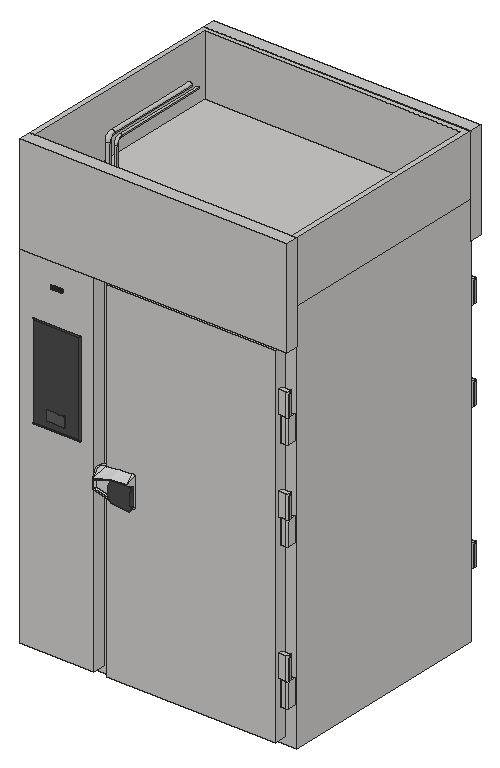
Revit family "QF_ZANUSSI_110551_ZBFA22RPE", category Specialty Equipment, Revit 2018
Family settings
  Round Connector Dimension = Use Radius
  Part Type = Normal
  Work Plane-Based = No
  Always vertical = Yes
  Cut with Voids When Loaded = No
  Shared = Yes
  Room Calculation Point = No
Parameters
  Weight = 0.00 kg
  Watts = 209.032 W
  Volts = 380 V
  URL Manufacturer = "http://www.zanussiprofessional.com"
  URL = "http://www.zanussiprofessional.com"
  Steam Supply Size = 0"
  Steam Supply Minimum Pressure = 0.00 psi
  Steam Supply Maximum Pressure = 0.00 psi
  Steam Pounds per Hour = 0
  Show Logo [instance] = yes
  Refrigeration Suction Line Size = 0"
  Refrigeration Liquid Line Size = 0"
  Refrigerant Compressor Remote = yes
  Phase = 3
  Model = "ZBFA22RPE"
  Manufacturer = "Zanussi"
  Length Actual = 1400 mm  # constant formula
  Item Number = "110551"
  Hot Water Size = 0"
  Height Actual = 2270 mm  # constant formula
  HP = "3 HP"
  Gas Size = 0"
  Gas KW = 0
  Gas Input Pressure = 0.0 Btu/h
  Description = "RAPIDO BLAST CHILLER FREEZER 200/170KG 20 GN 2/1 - PASS-THROUGH - REMOTE REFRIGERATING UNIT"
  Depth Actual = 1395 mm  # constant formula
  Cycle = 60 Hz
  Condensate Return Size = 0"
  Compressed Air Volume = 0 GPM
  Compressed Air Size = 0"
  Compressed Air Pressure = 0.00 psi
  Cold Water Size = 0"
  Assembly Code = ""
  Show Clearance [instance] = yes
  Accessory = yes
Reference planes
  plane 1: z = 0
  plane 2 "LEFT": x = 0
  plane 3 "RIGHT": x = 1400
  plane 4 "FRONT": y = -1205
  plane 5 "TOP": z = 2400
  plane 6 "Center Y": x = 700
  plane 7: y = -2155
  plane 8 "BACK": y = 67
  plane 9: y = -569
Forms (mm)
  Extrusion 1, solid, material "QF_Clearance", visible <- "Show Clearance", detail levels coarse
    sketch origin (0, 0, -70) x (1, 0, 0) y (0, 1, 0)
      loop
        line (0, -1205) -> (0, 67) -> (-100, 67) -> (-100, -1205) -> (0, -1205)
      loop
        line (1500, -1205) -> (1500, 67) -> (1400, 67) -> (1400, -1205) -> (1500, -1205)
    from 70 to 2670
  Extrusion 2, solid, material "QF_Finishes_Stainless Steel"
    sketch origin (349.253, 33, 630.991) x (-1, 0, 0) y (0, -1, 0)
      loop
        line (349.253, 1172.759) -> (349.253, 1238) -> (-39.747, 1238) -> (-39.747, 1172.759) -> (349.253, 1172.759)
    from -597 to 1254
  Extrusion 3, solid, material "QF_Finishes_Stainless Steel"
    sketch origin (596.16, 27.971, -70) x (1, 0, 0) y (0, 1, 0)
      loop
        line (743.84, -1172.971) -> (-141.16, -1172.971) -> (-141.16, -1232.971) -> (743.84, -1232.971) -> (743.84, -1172.971)
    from 103.991 to 1945.25
  Extrusion 4, solid, material "QF_Door-Drawer Clearances", visible <- "Show Clearance", detail levels coarse
    sketch origin (875, -72.029, -91.802) x (-1, 0, 0) y (0, -1, 0)
      loop
        line (-465, 2025.971) -> (-465, 1132.971) -> (420, 1132.971)
        arc (420, 1132.971) -> (153.836, 1754.227) -> (-465, 2025.971) r 920
    from 125.793 to 1967.052
  Extrusion 5, solid, material "QF_Finishes_Stainless Steel"
    sketch origin (0, -1139.759, 0) x (0, 1, 0) y (-1, 0, 0)
      loop
        line (1140.759, 0) -> (0.759, 0) -> (0.759, -1400) -> (1140.759, -1400) -> (1140.759, 0)
    from 0 to 2080
  Extrusion 6, solid, material "QF_Finishes_Stainless Steel"
    sketch origin (0, 0, -70) x (0, 1, 0) y (0, 0, 1)
      loop
        line (-1139, 2470) -> (-1205, 2470) -> (-1205, 1956) -> (-1139, 1956) -> (-1139, 2470)
    from 0 to 1400
  Extrusion 7, solid, material "QF_Finishes_Stainless Steel"
    sketch origin (0, -1139.759, 2080) x (0, 1, 0) y (-1, 0, 0)
      loop
        line (1140.759, 0) -> (0.759, 0) -> (0.759, -27.807) -> (1112.952, -27.807) -> (1112.952, -1372.193) -> (0.759, -1372.193) -> (0.759, -1400) -> (1140.759, -1400) -> (1140.759, 0)
    from 0 to 320
  Extrusion 8, solid, material "QF_Clearance", visible <- "Show Clearance", detail levels coarse
    sketch origin (0, 0, 2400) x (-1, 0, 0) y (0, -1, 0)
      loop
        line (0, 1205) -> (-1400, 1205) -> (-1400, -67.029) -> (0, -67.029) -> (0, 1205)
    from 0 to 200
  Extrusion 9, solid, material "QF_Finishes_Stainless Steel"
    sketch origin (-390.239, -0.977, 1172.559) x (1, 0, 0) y (0, 1, 0)
      loop
        line (1730.239, -1159.557) -> (1730.239, -1186.759) -> (1771.078, -1186.759)
        arc (1771.078, -1186.759) -> (1778.149, -1183.83) -> (1781.078, -1176.759) r 10
        line (1781.078, -1176.759) -> (1781.078, -1169.557)
        arc (1781.078, -1169.557) -> (1778.149, -1162.486) -> (1771.078, -1159.557) r 10
        line (1771.078, -1159.557) -> (1730.239, -1159.557)
    from 398 to 516
  Extrusion 10, solid, material "QF_Finishes_Stainless Steel"
    sketch origin (-388.989, -0.977, 1172.559) x (1, 0, 0) y (0, 1, 0)
      loop
        line (1779.828, -1138.023) -> (1738.215, -1138.023) -> (1738.215, -1176.759)
        arc (1738.215, -1176.759) -> (1741.143, -1183.83) -> (1748.215, -1186.759) r 10
        line (1748.215, -1186.759) -> (1769.828, -1186.759)
        arc (1769.828, -1186.759) -> (1776.899, -1183.83) -> (1779.828, -1176.759) r 10
        line (1779.828, -1176.759) -> (1779.828, -1138.023)
    from 269 to 396
  Extrusion 11, solid, material "QF_Finishes_Handrails and Railings"
    sketch origin (0, -1205, -139.705) x (-1, 0, 0) y (0, 0, 1)
      loop
        arc (-455, 1022.346) -> (-433.392, 1027.289) -> (-413, 1035.976) r 124.815
        arc (-413, 1035.976) -> (-402.037, 1046.425) -> (-398, 1061.023) r 28.412
        line (-398, 1061.023) -> (-398, 1124.287)
        arc (-398, 1124.287) -> (-402.037, 1138.885) -> (-413, 1149.334) r 28.412
        arc (-413, 1149.334) -> (-433.392, 1158.021) -> (-455, 1162.964) r 124.815
        line (-455, 1162.964) -> (-455, 1022.346)
    from 0 to 25
  Extrusion 12, solid, material "QF_Finishes_Stainless Steel"
    sketch origin (0, 67, 2400) x (0, 0, -1) y (-1, 0, 0)
      loop
        circle (190.294, -50.191) r 10
    from -2 to 0
  Extrusion 13, solid
    sketch origin (0, 0, -70) x (1, 0, 0) y (0, 1, 0)
      loop
        circle (271, -895) r 12.7
    from 180 to 190
  Sweep 14, solid, material "QF_Finishes_Stainless Steel"
    path in 3D
      loop
        line (196, -872.727, 2090) -> (196, -872.727, 2314.785)
        arc (196, -872.727, 2314.785) -> (196, -863.94, 2335.999) -> (196, -842.727, 2344.785) r 30
        line (196, -842.727, 2344.785) -> (196, -337, 2344.785)
    profile origin (196, -589.864, 2344.785) x (-1, 0, 0) y (0, 0, 1)
      loop
        circle (0, -0.785) r 11
  Sweep 15, solid, material "QF_Finishes_Stainless Steel"
    path in 3D
      loop
        line (239, -337, 2344) -> (239, -842.727, 2344)
        arc (239, -842.727, 2344) -> (239, -863.94, 2335.213) -> (239, -872.727, 2314) r 30
        line (239, -872.727, 2314) -> (239, -872.727, 2090)
    profile origin (239, -589.864, 2344) x (1, 0, 0) y (0, 0, 1)
      loop
        circle (0, 0) r 6
  Extrusion 16, solid, material "QF_Finishes_Stainless Steel"
    sketch origin (0, -1139.759, 2080) x (0, 1, 0) y (-1, 0, 0)
      loop
        line (272.791, -163.68) -> (262.791, -163.68)
        arc (262.791, -163.68) -> (252.185, -168.074) -> (247.791, -178.68) r 15
        line (247.791, -178.68) -> (247.791, -270.358)
        arc (247.791, -270.358) -> (252.185, -280.965) -> (262.791, -285.358) r 15
        line (262.791, -285.358) -> (272.791, -285.358)
        arc (272.791, -285.358) -> (283.398, -280.965) -> (287.791, -270.358) r 15
        line (287.791, -270.358) -> (287.791, -178.68)
        arc (287.791, -178.68) -> (283.398, -168.074) -> (272.791, -163.68) r 15
    from 0 to 10
  Blend 17, solid, material "QF_Finishes_Handrails and Railings"
    base sketch origin (0, -1205, -139.705) x (1, 0, 0) y (0, 0, 1)
      loop
        arc (455, 1162.964) -> (433.392, 1158.021) -> (413, 1149.334) r 124.815
        arc (413, 1149.334) -> (402.037, 1138.885) -> (398, 1124.287) r 28.412
        line (398, 1124.287) -> (398, 1061.023)
        arc (398, 1061.023) -> (402.037, 1046.425) -> (413, 1035.976) r 28.412
        arc (413, 1035.976) -> (433.392, 1027.289) -> (455, 1022.346) r 124.815
        arc (455, 1022.346) -> (524.77, 1014.896) -> (594.859, 1011.587) r 1185.63
        arc (594.859, 1011.587) -> (600.607, 1013.879) -> (603, 1019.586) r 8
        line (603, 1019.586) -> (603, 1165.724)
        arc (603, 1165.724) -> (600.607, 1171.431) -> (594.859, 1173.723) r 8
        arc (594.859, 1173.723) -> (524.77, 1170.414) -> (455, 1162.964) r 1185.63
    top sketch origin (0, -1205, -139.705) x (1, 0, 0) y (0, 0, 1)
      loop
        line (421, 1108.337) -> (421, 1076.973)
        arc (421, 1076.973) -> (423.295, 1069.915) -> (429.302, 1065.557) r 12
        arc (429.302, 1065.557) -> (515.086, 1044.22) -> (603, 1034.974) r 636.459
        line (603, 1034.974) -> (603, 1150.336)
        arc (603, 1150.336) -> (515.086, 1141.09) -> (429.302, 1119.753) r 636.459
        arc (429.302, 1119.753) -> (423.295, 1115.395) -> (421, 1108.337) r 12
    from 0 to 50
  Blend 18, void
    base sketch origin (0, -1255, -139.705) x (-1, 0, 0) y (0, 0, 1)
      loop
        arc (-430.843, 1114.996) -> (-515.866, 1136.151) -> (-603, 1145.333) r 631.459
        line (-603, 1145.333) -> (-603, 1039.977)
        arc (-603, 1039.977) -> (-515.866, 1049.159) -> (-430.843, 1070.314) r 631.459
        arc (-430.843, 1070.314) -> (-427.339, 1072.856) -> (-426, 1076.973) r 7
        line (-426, 1076.973) -> (-426, 1108.337)
        arc (-426, 1108.337) -> (-427.339, 1112.454) -> (-430.843, 1114.996) r 7
    top sketch origin (0, -1255, -139.705) x (-1, 0, 0) y (0, 0, 1)
      loop
        arc (-432.384, 1110.24) -> (-516.647, 1131.211) -> (-603, 1140.33) r 626.459
        line (-603, 1140.33) -> (-603, 1044.98)
        arc (-603, 1044.98) -> (-516.647, 1054.099) -> (-432.384, 1075.07) r 626.459
        arc (-432.384, 1075.07) -> (-431.382, 1075.797) -> (-431, 1076.973) r 2
        line (-431, 1076.973) -> (-431, 1108.337)
        arc (-431, 1108.337) -> (-431.382, 1109.513) -> (-432.384, 1110.24) r 2
    from 0 to 10
  Blend 19, solid, material "QF_Finishes_Black"
    base sketch origin (0, -1245, -139.705) x (1, 0, 0) y (0, 0, 1)
      loop
        arc (628.567, 1043.419) -> (622.014, 1092.655) -> (628.567, 1141.89) r 188.232
        arc (628.567, 1141.89) -> (627.358, 1147.991) -> (621.77, 1150.721) r 7
        arc (621.77, 1150.721) -> (572.304, 1148.509) -> (523.16, 1142.458) r 636.459
        arc (523.16, 1142.458) -> (507.711, 1092.655) -> (523.16, 1042.852) r 88
        arc (523.16, 1042.852) -> (572.304, 1036.801) -> (621.77, 1034.589) r 636.459
        arc (621.77, 1034.589) -> (627.358, 1037.319) -> (628.567, 1043.419) r 7
    top sketch origin (0, -1245, -139.705) x (1, 0, 0) y (0, 0, 1)
      loop
        arc (626.748, 1050.703) -> (622.014, 1092.655) -> (626.748, 1134.607) r 188.232
        arc (626.748, 1134.607) -> (625.775, 1138.85) -> (621.845, 1140.722) r 5
        arc (621.845, 1140.722) -> (569.023, 1138.185) -> (516.603, 1131.203) r 626.459
        arc (516.603, 1131.203) -> (507.711, 1092.655) -> (516.603, 1054.107) r 88
        arc (516.603, 1054.107) -> (569.023, 1047.124) -> (621.845, 1044.588) r 626.459
        arc (621.845, 1044.588) -> (625.775, 1046.46) -> (626.748, 1050.703) r 5
    from 20 to 0
  Extrusion 20, solid, material "QF_Finishes_Stainless Steel"
    sketch origin (-390.239, -0.977, 692.559) x (1, 0, 0) y (0, 1, 0)
      loop
        line (1730.239, -1159.557) -> (1730.239, -1186.759) -> (1771.078, -1186.759)
        arc (1771.078, -1186.759) -> (1778.149, -1183.83) -> (1781.078, -1176.759) r 10
        line (1781.078, -1176.759) -> (1781.078, -1169.557)
        arc (1781.078, -1169.557) -> (1778.149, -1162.486) -> (1771.078, -1159.557) r 10
        line (1771.078, -1159.557) -> (1730.239, -1159.557)
    from 398 to 516
  Extrusion 21, solid, material "QF_Finishes_Stainless Steel"
    sketch origin (-388.989, -0.977, 692.559) x (1, 0, 0) y (0, 1, 0)
      loop
        line (1779.828, -1138.023) -> (1738.215, -1138.023) -> (1738.215, -1176.759)
        arc (1738.215, -1176.759) -> (1741.143, -1183.83) -> (1748.215, -1186.759) r 10
        line (1748.215, -1186.759) -> (1769.828, -1186.759)
        arc (1769.828, -1186.759) -> (1776.899, -1183.83) -> (1779.828, -1176.759) r 10
        line (1779.828, -1176.759) -> (1779.828, -1138.023)
    from 269 to 396
  Extrusion 22, solid, material "QF_Finishes_Stainless Steel"
    sketch origin (-390.239, -0.977, -67.441) x (1, 0, 0) y (0, 1, 0)
      loop
        line (1730.239, -1159.557) -> (1730.239, -1186.759) -> (1771.078, -1186.759)
        arc (1771.078, -1186.759) -> (1778.149, -1183.83) -> (1781.078, -1176.759) r 10
        line (1781.078, -1176.759) -> (1781.078, -1169.557)
        arc (1781.078, -1169.557) -> (1778.149, -1162.486) -> (1771.078, -1159.557) r 10
        line (1771.078, -1159.557) -> (1730.239, -1159.557)
    from 398 to 516
  Extrusion 23, solid, material "QF_Finishes_Stainless Steel"
    sketch origin (-388.989, -0.977, -67.441) x (1, 0, 0) y (0, 1, 0)
      loop
        line (1779.828, -1138.023) -> (1738.215, -1138.023) -> (1738.215, -1176.759)
        arc (1738.215, -1176.759) -> (1741.143, -1183.83) -> (1748.215, -1186.759) r 10
        line (1748.215, -1186.759) -> (1769.828, -1186.759)
        arc (1769.828, -1186.759) -> (1776.899, -1183.83) -> (1779.828, -1176.759) r 10
        line (1779.828, -1176.759) -> (1779.828, -1138.023)
    from 269 to 396
  Extrusion 24, solid, material "QF_Door-Drawer Clearances", visible <- "Show Clearance", detail levels coarse
    sketch origin (167.029, -1956.84, -70) x (0, 1, 0) y (-1, 0, 0)
      loop
        line (751.84, -1172.971) -> (-141.16, -1172.971) -> (-141.16, -1232.971) -> (751.84, -1232.971) -> (751.84, -1172.971)
    from 103.991 to 1945.25
  Extrusion 25, solid, material "QF_Door-Drawer Clearances", visible <- "Show Clearance", detail levels coarse
    sketch origin (1400, -2553, -139.705) x (0, -1, 0) y (0, 0, 1)
      loop
        arc (-455, 1022.346) -> (-433.392, 1027.289) -> (-413, 1035.976) r 124.815
        arc (-413, 1035.976) -> (-402.037, 1046.425) -> (-398, 1061.023) r 28.412
        line (-398, 1061.023) -> (-398, 1124.287)
        arc (-398, 1124.287) -> (-402.037, 1138.885) -> (-413, 1149.334) r 28.412
        arc (-413, 1149.334) -> (-433.392, 1158.021) -> (-455, 1162.964) r 124.815
        line (-455, 1162.964) -> (-455, 1022.346)
    from 0 to 25
  Blend 26, solid, material "QF_Door-Drawer Clearances", visible <- "Show Clearance", detail levels coarse
    base sketch origin (1400, -2553, -139.705) x (0, 1, 0) y (0, 0, 1)
      loop
        arc (455, 1162.964) -> (433.392, 1158.021) -> (413, 1149.334) r 124.815
        arc (413, 1149.334) -> (402.037, 1138.885) -> (398, 1124.287) r 28.412
        line (398, 1124.287) -> (398, 1061.023)
        arc (398, 1061.023) -> (402.037, 1046.425) -> (413, 1035.976) r 28.412
        arc (413, 1035.976) -> (433.392, 1027.289) -> (455, 1022.346) r 124.815
        arc (455, 1022.346) -> (524.77, 1014.896) -> (594.859, 1011.587) r 1185.63
        arc (594.859, 1011.587) -> (600.607, 1013.879) -> (603, 1019.586) r 8
        line (603, 1019.586) -> (603, 1165.724)
        arc (603, 1165.724) -> (600.607, 1171.431) -> (594.859, 1173.723) r 8
        arc (594.859, 1173.723) -> (524.77, 1170.414) -> (455, 1162.964) r 1185.63
    top sketch origin (1400, -2553, -139.705) x (0, 1, 0) y (0, 0, 1)
      loop
        line (421, 1108.337) -> (421, 1076.973)
        arc (421, 1076.973) -> (423.295, 1069.915) -> (429.302, 1065.557) r 12
        arc (429.302, 1065.557) -> (515.086, 1044.22) -> (603, 1034.974) r 636.459
        line (603, 1034.974) -> (603, 1150.336)
        arc (603, 1150.336) -> (515.086, 1141.09) -> (429.302, 1119.753) r 636.459
        arc (429.302, 1119.753) -> (423.295, 1115.395) -> (421, 1108.337) r 12
    from 0 to 50
  Blend 27, void
    base sketch origin (1450, -2553, -139.705) x (0, -1, 0) y (0, 0, 1)
      loop
        arc (-430.843, 1114.996) -> (-515.866, 1136.151) -> (-603, 1145.333) r 631.459
        line (-603, 1145.333) -> (-603, 1039.977)
        arc (-603, 1039.977) -> (-515.866, 1049.159) -> (-430.843, 1070.314) r 631.459
        arc (-430.843, 1070.314) -> (-427.339, 1072.856) -> (-426, 1076.973) r 7
        line (-426, 1076.973) -> (-426, 1108.337)
        arc (-426, 1108.337) -> (-427.339, 1112.454) -> (-430.843, 1114.996) r 7
    top sketch origin (1450, -2553, -139.705) x (0, -1, 0) y (0, 0, 1)
      loop
        arc (-432.384, 1110.24) -> (-516.647, 1131.211) -> (-603, 1140.33) r 626.459
        line (-603, 1140.33) -> (-603, 1044.98)
        arc (-603, 1044.98) -> (-516.647, 1054.099) -> (-432.384, 1075.07) r 626.459
        arc (-432.384, 1075.07) -> (-431.382, 1075.797) -> (-431, 1076.973) r 2
        line (-431, 1076.973) -> (-431, 1108.337)
        arc (-431, 1108.337) -> (-431.382, 1109.513) -> (-432.384, 1110.24) r 2
    from 0 to 10
  Blend 28, solid, material "QF_Door-Drawer Clearances", visible <- "Show Clearance", detail levels coarse
    base sketch origin (1440, -2553, -139.705) x (0, 1, 0) y (0, 0, 1)
      loop
        arc (628.567, 1043.419) -> (622.014, 1092.655) -> (628.567, 1141.89) r 188.232
        arc (628.567, 1141.89) -> (627.358, 1147.991) -> (621.77, 1150.721) r 7
        arc (621.77, 1150.721) -> (572.304, 1148.509) -> (523.16, 1142.458) r 636.459
        arc (523.16, 1142.458) -> (507.711, 1092.655) -> (523.16, 1042.852) r 88
        arc (523.16, 1042.852) -> (572.304, 1036.801) -> (621.77, 1034.589) r 636.459
        arc (621.77, 1034.589) -> (627.358, 1037.319) -> (628.567, 1043.419) r 7
    top sketch origin (1440, -2553, -139.705) x (0, 1, 0) y (0, 0, 1)
      loop
        arc (626.748, 1050.703) -> (622.014, 1092.655) -> (626.748, 1134.607) r 188.232
        arc (626.748, 1134.607) -> (625.775, 1138.85) -> (621.845, 1140.722) r 5
        arc (621.845, 1140.722) -> (569.023, 1138.185) -> (516.603, 1131.203) r 626.459
        arc (516.603, 1131.203) -> (507.711, 1092.655) -> (516.603, 1054.107) r 88
        arc (516.603, 1054.107) -> (569.023, 1047.124) -> (621.845, 1044.588) r 626.459
        arc (621.845, 1044.588) -> (625.775, 1046.46) -> (626.748, 1050.703) r 5
    from 20 to -1
  Extrusion 29, solid, material "QF_Finishes_Stainless Steel"
    sketch origin (349.253, -1171, 630.991) x (-1, 0, 0) y (0, -1, 0)
      loop
        line (349.253, -1172.759) -> (-39.747, -1172.759) -> (-39.747, -1238) -> (349.253, -1238) -> (349.253, -1172.759)
    from -597 to 1254
  Extrusion 30, solid, material "QF_Finishes_Stainless Steel"
    sketch origin (596.16, -1165.971, -70) x (1, 0, 0) y (0, 1, 0)
      loop
        line (743.84, 1172.971) -> (743.84, 1232.971) -> (-141.16, 1232.971) -> (-141.16, 1172.971) -> (743.84, 1172.971)
    from 103.991 to 1945.25
  Extrusion 31, solid, material "QF_Door-Drawer Clearances", visible <- "Show Clearance", detail levels coarse
    sketch origin (875, -1065.971, -91.802) x (-1, 0, 0) y (0, -1, 0)
      loop
        arc (-465, -2025.971) -> (153.836, -1754.227) -> (420, -1132.971) r 920
        line (420, -1132.971) -> (-465, -1132.971) -> (-465, -2025.971)
    from 125.793 to 1967.052
  Extrusion 32, solid, material "QF_Finishes_Stainless Steel"
    sketch origin (0, -1138, -70) x (0, -1, 0) y (0, 0, -1)
      loop
        line (-1139, -2470) -> (-1139, -1956) -> (-1205, -1956) -> (-1205, -2470) -> (-1139, -2470)
    from 0 to 1400
  Extrusion 33, solid, material "QF_Finishes_Stainless Steel"
    sketch origin (-390.239, -1137.023, 1172.559) x (1, 0, 0) y (0, 1, 0)
      loop
        line (1730.239, 1159.557) -> (1771.078, 1159.557)
        arc (1771.078, 1159.557) -> (1778.149, 1162.486) -> (1781.078, 1169.557) r 10
        line (1781.078, 1169.557) -> (1781.078, 1176.759)
        arc (1781.078, 1176.759) -> (1778.149, 1183.83) -> (1771.078, 1186.759) r 10
        line (1771.078, 1186.759) -> (1730.239, 1186.759) -> (1730.239, 1159.557)
    from 398 to 516
  Extrusion 34, solid, material "QF_Finishes_Handrails and Railings"
    sketch origin (0, 67, -139.705) x (-1, 0, 0) y (0, 0, -1)
      loop
        line (-455, -1022.346) -> (-455, -1162.964)
        arc (-455, -1162.964) -> (-433.392, -1158.021) -> (-413, -1149.334) r 124.815
        arc (-413, -1149.334) -> (-402.037, -1138.885) -> (-398, -1124.287) r 28.412
        line (-398, -1124.287) -> (-398, -1061.023)
        arc (-398, -1061.023) -> (-402.037, -1046.425) -> (-413, -1035.976) r 28.412
        arc (-413, -1035.976) -> (-433.392, -1027.289) -> (-455, -1022.346) r 124.815
    from 0 to 25
  Blend 35, solid, material "QF_Finishes_Handrails and Railings"
    base sketch origin (0, 67, -139.705) x (1, 0, 0) y (0, 0, -1)
      loop
        arc (455, -1162.964) -> (524.77, -1170.414) -> (594.859, -1173.723) r 1185.63
        arc (594.859, -1173.723) -> (600.607, -1171.431) -> (603, -1165.724) r 8
        line (603, -1165.724) -> (603, -1019.586)
        arc (603, -1019.586) -> (600.607, -1013.879) -> (594.859, -1011.587) r 8
        arc (594.859, -1011.587) -> (524.77, -1014.896) -> (455, -1022.346) r 1185.63
        arc (455, -1022.346) -> (433.392, -1027.289) -> (413, -1035.976) r 124.815
        arc (413, -1035.976) -> (402.037, -1046.425) -> (398, -1061.023) r 28.412
        line (398, -1061.023) -> (398, -1124.287)
        arc (398, -1124.287) -> (402.037, -1138.885) -> (413, -1149.334) r 28.412
        arc (413, -1149.334) -> (433.392, -1158.021) -> (455, -1162.964) r 124.815
    top sketch origin (0, 67, -139.705) x (1, 0, 0) y (0, 0, -1)
      loop
        arc (421, -1108.337) -> (423.295, -1115.395) -> (429.302, -1119.753) r 12
        arc (429.302, -1119.753) -> (515.086, -1141.09) -> (603, -1150.336) r 636.459
        line (603, -1150.336) -> (603, -1034.974)
        arc (603, -1034.974) -> (515.086, -1044.22) -> (429.302, -1065.557) r 636.459
        arc (429.302, -1065.557) -> (423.295, -1069.915) -> (421, -1076.973) r 12
        line (421, -1076.973) -> (421, -1108.337)
    from 0 to 50
  Blend 36, void
    base sketch origin (0, 117, -139.705) x (-1, 0, 0) y (0, 0, -1)
      loop
        arc (-430.843, -1114.996) -> (-427.339, -1112.454) -> (-426, -1108.337) r 7
        line (-426, -1108.337) -> (-426, -1076.973)
        arc (-426, -1076.973) -> (-427.339, -1072.856) -> (-430.843, -1070.314) r 7
        arc (-430.843, -1070.314) -> (-515.866, -1049.159) -> (-603, -1039.977) r 631.459
        line (-603, -1039.977) -> (-603, -1145.333)
        arc (-603, -1145.333) -> (-515.866, -1136.151) -> (-430.843, -1114.996) r 631.459
    top sketch origin (0, 117, -139.705) x (-1, 0, 0) y (0, 0, -1)
      loop
        arc (-432.384, -1110.24) -> (-431.382, -1109.513) -> (-431, -1108.337) r 2
        line (-431, -1108.337) -> (-431, -1076.973)
        arc (-431, -1076.973) -> (-431.382, -1075.797) -> (-432.384, -1075.07) r 2
        arc (-432.384, -1075.07) -> (-516.647, -1054.099) -> (-603, -1044.98) r 626.459
        line (-603, -1044.98) -> (-603, -1140.33)
        arc (-603, -1140.33) -> (-516.647, -1131.211) -> (-432.384, -1110.24) r 626.459
    from 0 to 10
  Blend 37, solid, material "QF_Finishes_Black"
    base sketch origin (0, 107, -139.705) x (1, 0, 0) y (0, 0, -1)
      loop
        arc (628.567, -1043.419) -> (627.358, -1037.319) -> (621.77, -1034.589) r 7
        arc (621.77, -1034.589) -> (572.304, -1036.801) -> (523.16, -1042.852) r 636.459
        arc (523.16, -1042.852) -> (507.711, -1092.655) -> (523.16, -1142.458) r 88
        arc (523.16, -1142.458) -> (572.304, -1148.509) -> (621.77, -1150.721) r 636.459
        arc (621.77, -1150.721) -> (627.358, -1147.991) -> (628.567, -1141.89) r 7
        arc (628.567, -1141.89) -> (622.014, -1092.655) -> (628.567, -1043.419) r 188.232
    top sketch origin (0, 107, -139.705) x (1, 0, 0) y (0, 0, -1)
      loop
        arc (626.748, -1050.703) -> (625.775, -1046.46) -> (621.845, -1044.588) r 5
        arc (621.845, -1044.588) -> (569.023, -1047.124) -> (516.603, -1054.107) r 626.459
        arc (516.603, -1054.107) -> (507.711, -1092.655) -> (516.603, -1131.203) r 88
        arc (516.603, -1131.203) -> (569.023, -1138.185) -> (621.845, -1140.722) r 626.459
        arc (621.845, -1140.722) -> (625.775, -1138.85) -> (626.748, -1134.607) r 5
        arc (626.748, -1134.607) -> (622.014, -1092.655) -> (626.748, -1050.703) r 188.232
    from 20 to 0
  Extrusion 38, solid, material "QF_Finishes_Stainless Steel"
    sketch origin (-390.239, -1137.023, 692.559) x (1, 0, 0) y (0, 1, 0)
      loop
        line (1730.239, 1159.557) -> (1771.078, 1159.557)
        arc (1771.078, 1159.557) -> (1778.149, 1162.486) -> (1781.078, 1169.557) r 10
        line (1781.078, 1169.557) -> (1781.078, 1176.759)
        arc (1781.078, 1176.759) -> (1778.149, 1183.83) -> (1771.078, 1186.759) r 10
        line (1771.078, 1186.759) -> (1730.239, 1186.759) -> (1730.239, 1159.557)
    from 398 to 516
  Extrusion 39, solid, material "QF_Finishes_Stainless Steel"
    sketch origin (-390.239, -1137.023, -67.441) x (1, 0, 0) y (0, 1, 0)
      loop
        line (1730.239, 1159.557) -> (1771.078, 1159.557)
        arc (1771.078, 1159.557) -> (1778.149, 1162.486) -> (1781.078, 1169.557) r 10
        line (1781.078, 1169.557) -> (1781.078, 1176.759)
        arc (1781.078, 1176.759) -> (1778.149, 1183.83) -> (1771.078, 1186.759) r 10
        line (1771.078, 1186.759) -> (1730.239, 1186.759) -> (1730.239, 1159.557)
    from 398 to 516
  Extrusion 40, solid, material "QF_Door-Drawer Clearances", visible <- "Show Clearance", detail levels coarse
    sketch origin (167.029, 818.84, -70) x (0, -1, 0) y (1, 0, 0)
      loop
        line (751.84, 1172.971) -> (751.84, 1232.971) -> (-141.16, 1232.971) -> (-141.16, 1172.971) -> (751.84, 1172.971)
    from 103.991 to 1945.25
  Extrusion 41, solid, material "QF_Door-Drawer Clearances", visible <- "Show Clearance", detail levels coarse
    sketch origin (1400, 1415, -139.705) x (0, 1, 0) y (0, 0, -1)
      loop
        line (-455, -1022.346) -> (-455, -1162.964)
        arc (-455, -1162.964) -> (-433.392, -1158.021) -> (-413, -1149.334) r 124.815
        arc (-413, -1149.334) -> (-402.037, -1138.885) -> (-398, -1124.287) r 28.412
        line (-398, -1124.287) -> (-398, -1061.023)
        arc (-398, -1061.023) -> (-402.037, -1046.425) -> (-413, -1035.976) r 28.412
        arc (-413, -1035.976) -> (-433.392, -1027.289) -> (-455, -1022.346) r 124.815
    from 0 to 25
  Blend 42, solid, material "QF_Door-Drawer Clearances", visible <- "Show Clearance", detail levels coarse
    base sketch origin (1400, 1415, -139.705) x (0, -1, 0) y (0, 0, -1)
      loop
        arc (455, -1162.964) -> (524.77, -1170.414) -> (594.859, -1173.723) r 1185.63
        arc (594.859, -1173.723) -> (600.607, -1171.431) -> (603, -1165.724) r 8
        line (603, -1165.724) -> (603, -1019.586)
        arc (603, -1019.586) -> (600.607, -1013.879) -> (594.859, -1011.587) r 8
        arc (594.859, -1011.587) -> (524.77, -1014.896) -> (455, -1022.346) r 1185.63
        arc (455, -1022.346) -> (433.392, -1027.289) -> (413, -1035.976) r 124.815
        arc (413, -1035.976) -> (402.037, -1046.425) -> (398, -1061.023) r 28.412
        line (398, -1061.023) -> (398, -1124.287)
        arc (398, -1124.287) -> (402.037, -1138.885) -> (413, -1149.334) r 28.412
        arc (413, -1149.334) -> (433.392, -1158.021) -> (455, -1162.964) r 124.815
    top sketch origin (1400, 1415, -139.705) x (0, -1, 0) y (0, 0, -1)
      loop
        arc (421, -1108.337) -> (423.295, -1115.395) -> (429.302, -1119.753) r 12
        arc (429.302, -1119.753) -> (515.086, -1141.09) -> (603, -1150.336) r 636.459
        line (603, -1150.336) -> (603, -1034.974)
        arc (603, -1034.974) -> (515.086, -1044.22) -> (429.302, -1065.557) r 636.459
        arc (429.302, -1065.557) -> (423.295, -1069.915) -> (421, -1076.973) r 12
        line (421, -1076.973) -> (421, -1108.337)
    from 0 to 50
  Blend 43, void
    base sketch origin (1450, 1415, -139.705) x (0, 1, 0) y (0, 0, -1)
      loop
        arc (-430.843, -1114.996) -> (-427.339, -1112.454) -> (-426, -1108.337) r 7
        line (-426, -1108.337) -> (-426, -1076.973)
        arc (-426, -1076.973) -> (-427.339, -1072.856) -> (-430.843, -1070.314) r 7
        arc (-430.843, -1070.314) -> (-515.866, -1049.159) -> (-603, -1039.977) r 631.459
        line (-603, -1039.977) -> (-603, -1145.333)
        arc (-603, -1145.333) -> (-515.866, -1136.151) -> (-430.843, -1114.996) r 631.459
    top sketch origin (1450, 1415, -139.705) x (0, 1, 0) y (0, 0, -1)
      loop
        arc (-432.384, -1110.24) -> (-431.382, -1109.513) -> (-431, -1108.337) r 2
        line (-431, -1108.337) -> (-431, -1076.973)
        arc (-431, -1076.973) -> (-431.382, -1075.797) -> (-432.384, -1075.07) r 2
        arc (-432.384, -1075.07) -> (-516.647, -1054.099) -> (-603, -1044.98) r 626.459
        line (-603, -1044.98) -> (-603, -1140.33)
        arc (-603, -1140.33) -> (-516.647, -1131.211) -> (-432.384, -1110.24) r 626.459
    from 0 to 10
  Blend 44, solid, material "QF_Door-Drawer Clearances", visible <- "Show Clearance", detail levels coarse
    base sketch origin (1440, 1415, -139.705) x (0, -1, 0) y (0, 0, -1)
      loop
        arc (628.567, -1043.419) -> (627.358, -1037.319) -> (621.77, -1034.589) r 7
        arc (621.77, -1034.589) -> (572.304, -1036.801) -> (523.16, -1042.852) r 636.459
        arc (523.16, -1042.852) -> (507.711, -1092.655) -> (523.16, -1142.458) r 88
        arc (523.16, -1142.458) -> (572.304, -1148.509) -> (621.77, -1150.721) r 636.459
        arc (621.77, -1150.721) -> (627.358, -1147.991) -> (628.567, -1141.89) r 7
        arc (628.567, -1141.89) -> (622.014, -1092.655) -> (628.567, -1043.419) r 188.232
    top sketch origin (1440, 1415, -139.705) x (0, -1, 0) y (0, 0, -1)
      loop
        arc (626.748, -1050.703) -> (625.775, -1046.46) -> (621.845, -1044.588) r 5
        arc (621.845, -1044.588) -> (569.023, -1047.124) -> (516.603, -1054.107) r 626.459
        arc (516.603, -1054.107) -> (507.711, -1092.655) -> (516.603, -1131.203) r 88
        arc (516.603, -1131.203) -> (569.023, -1138.185) -> (621.845, -1140.722) r 626.459
        arc (621.845, -1140.722) -> (625.775, -1138.85) -> (626.748, -1134.607) r 5
        arc (626.748, -1134.607) -> (622.014, -1092.655) -> (626.748, -1050.703) r 188.232
    from 20 to -1
Cuts and joins
  Blend 36 cuts Extrusion 11
  Blend 18, Blend 36 cuts Blend 17
  joined: Extrusion 11, Blend 17
  Blend 18, Blend 36, Blend 43 cuts Extrusion 4
  Blend 36, Blend 43 cuts Extrusion 24
  Blend 36, Blend 43 cuts Extrusion 25
  Blend 27, Blend 36, Blend 43 cuts Blend 26
  Blend 27, Blend 36, Blend 43 cuts Blend 28
  joined: Extrusion 4, Extrusion 24, Extrusion 25, Blend 26, Blend 28
  joined: Extrusion 7, Extrusion 12
  joined: Extrusion 5, Extrusion 10, Sweep 14, Sweep 15, Extrusion 16, Extrusion 21, Extrusion 23
  joined: Extrusion 3, Extrusion 9, Extrusion 20, Extrusion 22
  joined: Extrusion 1, Extrusion 8
  Blend 36 cuts Extrusion 31
  Blend 43 cuts Blend 42
  Blend 43 cuts Blend 44
  joined: Extrusion 31, Extrusion 40, Extrusion 41, Blend 42, Blend 44
  Blend 36 cuts Blend 35
Lines and regions (mm)
  symbolic lines, style "QF-Clearances", visible <- "Show Clearance", detail levels coarse
    curve 1: line (-100, -1204.241, 70) -> (-100, 66.241, 70)
    curve 2: line (1500, 66.241, 0) -> (1500, -1204.241, 0)
  symbolic lines
    curve 3: line (185, -336.968, 0) -> (207, -336.968, 0)
    curve 4: line (207, -336.968, 0) -> (207, -871.942, 0)
    curve 5: line (233, -872.727, 0) -> (233, -337, 0)
    curve 6: line (233, -337, 0) -> (245, -337, 0)
    curve 7: line (245, -337, 0) -> (245, -872.727, 0)
    curve 8: line (245, -851.968, 0) -> (270.358, -851.968, 0)
    curve 9: arc (285.358, -866.968, 0) -> (280.965, -856.361, 0) -> (270.358, -851.968, 0) r 15
    curve 10: line (285.358, -876.968, 0) -> (285.358, -866.968, 0)
    curve 11: arc (270.358, -891.968, 0) -> (280.965, -887.575, 0) -> (285.358, -876.968, 0) r 15
    curve 12: line (178.68, -891.968, 0) -> (270.358, -891.968, 0)
    curve 13: arc (163.68, -876.968, 0) -> (168.074, -887.575, 0) -> (178.68, -891.968, 0) r 15
    curve 14: line (163.68, -866.968, 0) -> (163.68, -876.968, 0)
    curve 15: arc (178.68, -851.968, 0) -> (168.074, -856.361, 0) -> (163.68, -866.968, 0) r 15
    curve 16: arc (207, -871.942, 0) -> (196, -882.942, 0) -> (185, -871.942, 0) r 11
    curve 17: arc (233, -872.727, 0) -> (239, -878.727, 0) -> (245, -872.727, 0) r 6
    curve 18: line (178.68, -851.968, 0) -> (185, -851.968, 0)
    curve 19: line (185, -336.968, 0) -> (185, -871.942, 0)
    curve 20: line (207, -851.968, 0) -> (233, -851.968, 0)
    curve 21: line (0, 1, 0) -> (1400, 1, 0)
    curve 22: line (0, -1205, 0) -> (0, 67, 0)
    curve 23: line (1400, -1205, 0) -> (0, -1205, 0)
    curve 24: line (1400, 67, 0) -> (1400, -1205, 0)
    curve 25: line (27.807, -26.807, 0) -> (1372.193, -26.807, 0)
    curve 26: line (27.807, -1139, 0) -> (27.807, -26.807, 0)
    curve 27: line (1400, -1139, 0) -> (0, -1139, 0)
    curve 28: line (1372.193, -26.807, 0) -> (1372.193, -1139, 0)
    curve 29: line (75.5, -1210, 0) -> (313.5, -1210, 0)
    curve 30: line (75.5, -1210, 0) -> (67.5, -1205, 0)
    curve 31: line (313.5, -1210, 0) -> (321.5, -1205, 0)
    curve 32: line (421, -1255, 0) -> (398, -1205, 0)
    curve 33: line (421, -1255, 0) -> (603, -1255, 0)
    curve 34: line (603, -1255, 0) -> (603, -1205, 0)
    curve 35: line (603, -1245, 0) -> (626.748, -1245, 0)
    curve 36: line (626.748, -1245, 0) -> (628.811, -1265, 0)
    curve 37: line (628.811, -1265, 0) -> (507.711, -1265, 0)
    curve 38: line (507.711, -1265, 0) -> (507.711, -1255, 0)
    curve 58: line (1400, 67, 0) -> (0, 67, 0)
    curve 59: line (1400, 1, 0) -> (0, 1, 0)
    curve 60: line (421, 117, 0) -> (398, 67, 0)
    curve 61: line (421, 117, 0) -> (603, 117, 0)
    curve 62: line (603, 117, 0) -> (603, 67, 0)
    curve 63: line (603, 107, 0) -> (626.748, 107, 0)
    curve 64: line (626.748, 107, 0) -> (628.811, 127, 0)
    curve 65: line (628.811, 127, 0) -> (507.711, 127, 0)
    curve 66: line (507.711, 127, 0) -> (507.711, 117, 0)
  symbolic lines, style "QF_Door-Drawer Clearances", visible <- "Show Clearance"
    curve 39: line (1450, -2132, 0) -> (1400, -2155, 0)
    curve 40: line (1450, -2132, 0) -> (1450, -1950, 0)
    curve 41: line (1450, -1950, 0) -> (1400, -1950, 0)
    curve 42: line (1439, -1950, 0) -> (1439, -1926.126, 0)
    curve 43: line (1439, -1926.126, 0) -> (1460, -1924.189, 0)
    curve 44: line (1460, -1924.189, 0) -> (1460, -2045.289, 0)
    curve 45: line (1460, -2045.289, 0) -> (1450, -2045.289, 0)
    curve 46: line (1375, -2098, 0) -> (1375, -2155, 0)
    curve 47: line (1340, -2098, 0) -> (1400, -2098, 0)
    curve 48: arc (457.796, -1255, 0) -> (739.031, -1843.801, 0) -> (1340, -2098, 0) r 920
    curve 49: line (1400, -2155, 0) -> (1375, -2155, 0)
    curve 50: line (1400, -2098, 0) -> (1400, -1205, 0)
    curve 57: line (1340, -2098, 0) -> (1340, -1205, 0)
    curve 67: arc (457.796, 117, 0) -> (739.031, 705.801, 0) -> (1340, 960, 0) r 920
    curve 68: line (1400, 960, 0) -> (1400, 67, 0)
    curve 69: line (1340, 960, 0) -> (1340, 67, 0)
    curve 70: line (1340, 960, 70) -> (1400, 960, 70)
    curve 71: line (1450, 994, 0) -> (1400, 1017, 0)
    curve 72: line (1450, 994, 0) -> (1450, 812, 0)
    curve 73: line (1450, 812, 0) -> (1400, 812, 0)
    curve 74: line (1439, 812, 0) -> (1439, 788.126, 0)
    curve 75: line (1439, 788.126, 0) -> (1460, 786.189, 0)
    curve 76: line (1460, 786.189, 0) -> (1460, 907.289, 0)
    curve 77: line (1460, 907.289, 0) -> (1450, 907.289, 0)
    curve 78: line (1375, 960, 0) -> (1375, 1017, 0)
    curve 79: line (1340, 960, 0) -> (1375, 960, 0)
    curve 80: line (1400, 1017, 0) -> (1375, 1017, 0)
  sketch lines
    curve 51: line (196, -842.727, 2344.785) -> (196, -337, 2344.785)
    curve 52: arc (196, -872.727, 2314.785) -> (196, -863.94, 2335.999) -> (196, -842.727, 2344.785) r 30
    curve 53: line (196, -872.727, 2090) -> (196, -872.727, 2314.785)
    curve 54: line (239, -337, 2344) -> (239, -842.727, 2344)
    curve 55: arc (239, -842.727, 2344) -> (239, -863.94, 2335.213) -> (239, -872.727, 2314) r 30
    curve 56: line (239, -872.727, 2314) -> (239, -872.727, 2090)
Dimensions and locks
  plane 5 "TOP" to level = 2400 mm
  plane 3 "RIGHT" to plane 2 "LEFT" = 1400 mm
  plane 2 "LEFT" to plane 3 "RIGHT" = 1400 mm
  equal spacing: plane 2 "LEFT", plane 6 "Center Y", plane 3 "RIGHT"
  equal spacing: plane 4 "FRONT", plane 9, plane 8 "BACK"
  plane 4 "FRONT" to plane 8 "BACK" = 1272 mm
  aligned and locked: level to plane 1
Automatic sketch dimensions
  plane 4 "FRONT" to Extrusion 1 sketch curve = 0 mm  (x2)
  plane 8 "BACK" to Extrusion 1 sketch curve = 0 mm  (x2)
  Extrusion 1 sketch curve to plane 2 "LEFT" = 0 mm
  Extrusion 1 sketch curve to plane 3 "RIGHT" = 0 mm
  Extrusion 1 sketch curve to plane 2 "LEFT" = 100 mm
  plane 3 "RIGHT" to Extrusion 1 sketch curve = 100 mm
  plane 4 "FRONT" to Extrusion 2 sketch curve = 0 mm
  Extrusion 2 sketch curve to plane 2 "LEFT" = 0 mm
  plane 6 "Center Y" to Extrusion 2 sketch curve = 311 mm
  Extrusion 2 sketch curve to plane 4 "FRONT" = 65.241 mm
  plane 4 "FRONT" to Extrusion 3 sketch curve = 0 mm
  Extrusion 3 sketch curve to plane 4 "FRONT" = 60 mm
  plane 6 "Center Y" to Extrusion 3 sketch curve = 245 mm
  Extrusion 3 sketch curve to plane 3 "RIGHT" = 60 mm
  plane 4 "FRONT" to Extrusion 4 sketch curve = 0 mm
  Extrusion 4 sketch curve to plane 3 "RIGHT" = 25.377 mm
  Extrusion 4 sketch curve to Extrusion 4 sketch curve = 34.623 mm
  plane 6 "Center Y" to Extrusion 4 sketch curve = 245 mm
  Extrusion 4 sketch curve to plane 4 "FRONT" = 26.348 mm
  Extrusion 5 sketch curve to plane 2 "LEFT" = 0 mm
  Extrusion 5 sketch curve to plane 3 "RIGHT" = 0 mm
  Extrusion 5 sketch curve to plane 4 "FRONT" = 66 mm
  plane 8 "BACK" to Extrusion 5 sketch curve = 66 mm
  Extrusion 6 sketch curve to plane 4 "FRONT" = 0 mm
  Extrusion 6 sketch curve to plane 5 "TOP" = 0 mm
  Extrusion 6 sketch curve to Extrusion 6 sketch curve = 66 mm
  Extrusion 6 sketch curve to Extrusion 6 sketch curve = 514 mm
  Extrusion 5 to Extrusion 7 sketch curve = 0 mm
  Extrusion 7 sketch curve to Extrusion 5 = 0 mm  (x4)
  Extrusion 7 sketch curve to Extrusion 5 = 27.807 mm  (x3)
  Extrusion 8 sketch curve to plane 3 "RIGHT" = 0 mm
  Extrusion 8 sketch curve to plane 2 "LEFT" = 0 mm
  plane 4 "FRONT" to Extrusion 8 sketch curve = 0 mm
  Extrusion 8 sketch curve to plane 8 "BACK" = 0.029 mm
  Extrusion 9 sketch curve to plane 4 "FRONT" = 17.264 mm
  Extrusion 9 sketch curve to plane 3 "RIGHT" = 60 mm
  Extrusion 9 sketch curve to plane 3 "RIGHT" = 19.161 mm
  Extrusion 9 sketch curve to Extrusion 9 sketch curve = 0 mm
  Extrusion 9 sketch curve to plane 3 "RIGHT" = 9.161 mm
  Extrusion 9 sketch curve to Extrusion 9 sketch curve = 7.202 mm
  Extrusion 10 sketch curve to plane 4 "FRONT" = 27.264 mm
  Extrusion 10 sketch curve to plane 3 "RIGHT" = 50.775 mm
  Extrusion 10 sketch curve to Extrusion 10 sketch curve = 10 mm
  Extrusion 10 sketch curve to plane 3 "RIGHT" = 19.161 mm
  Extrusion 10 sketch curve to plane 3 "RIGHT" = 9.161 mm
  Extrusion 10 sketch curve to Extrusion 10 sketch curve = 38.736 mm
  plane 6 "Center Y" to Extrusion 11 sketch curve = 228.081 mm
  Extrusion 11 sketch curve to Extrusion 11 sketch curve = 0 mm
  Extrusion 11 sketch curve to Extrusion 11 sketch curve = 16.919 mm
  Extrusion 11 sketch curve to Extrusion 11 sketch curve = 28.588 mm  (x2)
  Extrusion 11 sketch curve to Extrusion 11 sketch curve = 28.412 mm
  level to Extrusion 11 sketch curve = 882.641 mm
  Extrusion 11 sketch curve to Extrusion 11 sketch curve = 16.954 mm  (x2)
  Extrusion 11 sketch curve to Extrusion 11 sketch curve = 38.676 mm
  Extrusion 11 sketch curve to Extrusion 11 sketch curve = 63.265 mm
  Extrusion 11 sketch curve to Extrusion 11 sketch curve = 21.722 mm
  plane 2 "LEFT" to Extrusion 13 sketch curve = 271 mm
  Extrusion 13 sketch curve to plane 4 "FRONT" = 310 mm
  Sweep 14 sketch curve to profile plane = 0 mm
  Sweep 14 sketch curve to profile plane = 0.785 mm
  profile plane to Sweep 15 sketch curve = 0 mm
  Sweep 15 sketch curve to profile plane = 0 mm
  Extrusion 16 sketch curve to Extrusion 5 = 247.032 mm
  Extrusion 16 sketch curve to Extrusion 16 sketch curve = 15 mm  (x3)
  Extrusion 16 sketch curve to Extrusion 16 sketch curve = 10 mm  (x2)
  Extrusion 16 sketch curve to Extrusion 5 = 285.358 mm
  Extrusion 16 sketch curve to Extrusion 16 sketch curve = 91.678 mm
  Blend 17 sketch curve to Extrusion 11 = 0 mm  (x4)
  Blend 17 sketch curve to Extrusion 11 = 28.412 mm
  Blend 17 sketch curve to Blend 17 sketch curve = 123.081 mm  (x2)
  Blend 17 sketch curve to Blend 17 sketch curve = 8 mm
  Extrusion 11 to Blend 17 sketch curve = 160.712 mm  (x2)
  Blend 17 sketch curve to Blend 17 sketch curve = 19.715 mm  (x2)
  Blend 17 sketch curve to Blend 17 sketch curve = 38.676 mm
  Blend 17 sketch curve to Extrusion 11 = 23 mm
  Blend 17 sketch curve to Blend 17 sketch curve = 12 mm  (x2)
  Extrusion 11 to Blend 17 sketch curve = 148 mm
  Extrusion 11 to Blend 17 sketch curve = 170.45 mm  (x2)
  Blend 17 sketch curve to Blend 17 sketch curve = 520.701 mm  (x2)
  Blend 17 sketch curve to Blend 17 sketch curve = 41.999 mm
  Blend 17 sketch curve to Blend 17 sketch curve = 31.364 mm
  Blend 17 sketch curve to Blend 17 sketch curve = 115.362 mm
  Blend 17 to Blend 18 sketch curve = 0 mm  (x2)
  Blend 18 sketch curve to Blend 18 sketch curve = 7 mm
  Blend 18 sketch curve to Blend 18 sketch curve = 31.364 mm  (x2)
  Blend 18 sketch curve to Blend 18 sketch curve = 2 mm
  Blend 18 to Blend 19 sketch curve = 18.811 mm  (x2)
  Blend 19 sketch curve to Blend 18 = 7.289 mm  (x2)
  Blend 19 sketch curve to Blend 19 sketch curve = 188.435 mm
  Blend 19 sketch curve to Blend 19 sketch curve = 7 mm  (x2)
  Blend 19 sketch curve to Blend 19 sketch curve = 51.066 mm  (x2)
  Blend 19 sketch curve to Blend 19 sketch curve = 0 mm  (x6)
  Blend 19 sketch curve to Blend 18 = 79.84 mm
  Blend 18 to Blend 19 sketch curve = 18.874 mm  (x2)
  Blend 19 sketch curve to Blend 19 sketch curve = 188.371 mm
  Blend 19 sketch curve to Blend 19 sketch curve = 5 mm  (x2)
  Blend 19 sketch curve to Blend 19 sketch curve = 43.067 mm  (x2)
  Blend 19 sketch curve to Blend 18 = 85.603 mm
  Extrusion 20 sketch curve to plane 4 "FRONT" = 17.264 mm
  Extrusion 20 sketch curve to plane 3 "RIGHT" = 60 mm
  Extrusion 20 sketch curve to plane 3 "RIGHT" = 19.161 mm
  Extrusion 20 sketch curve to Extrusion 20 sketch curve = 0 mm
  Extrusion 20 sketch curve to plane 3 "RIGHT" = 9.161 mm
  Extrusion 20 sketch curve to Extrusion 20 sketch curve = 7.202 mm
  Extrusion 21 sketch curve to plane 4 "FRONT" = 27.264 mm
  Extrusion 21 sketch curve to plane 3 "RIGHT" = 50.775 mm
  Extrusion 21 sketch curve to Extrusion 21 sketch curve = 10 mm
  Extrusion 21 sketch curve to plane 3 "RIGHT" = 19.161 mm
  Extrusion 21 sketch curve to plane 3 "RIGHT" = 9.161 mm
  Extrusion 21 sketch curve to Extrusion 21 sketch curve = 38.736 mm
  Extrusion 22 sketch curve to plane 4 "FRONT" = 17.264 mm
  Extrusion 22 sketch curve to plane 3 "RIGHT" = 60 mm
  Extrusion 22 sketch curve to plane 3 "RIGHT" = 19.161 mm
  Extrusion 22 sketch curve to Extrusion 22 sketch curve = 0 mm
  Extrusion 22 sketch curve to plane 3 "RIGHT" = 9.161 mm
  Extrusion 22 sketch curve to Extrusion 22 sketch curve = 7.202 mm
  Extrusion 23 sketch curve to plane 4 "FRONT" = 27.264 mm
  Extrusion 23 sketch curve to plane 3 "RIGHT" = 50.775 mm
  Extrusion 23 sketch curve to Extrusion 23 sketch curve = 10 mm
  Extrusion 23 sketch curve to plane 3 "RIGHT" = 19.161 mm
  Extrusion 23 sketch curve to plane 3 "RIGHT" = 9.161 mm
  Extrusion 23 sketch curve to Extrusion 23 sketch curve = 38.736 mm
  Extrusion 24 sketch curve to plane 3 "RIGHT" = 0 mm
  plane 4 "FRONT" to Extrusion 24 sketch curve = 0 mm
  Extrusion 24 sketch curve to plane 7 = 57 mm
  Extrusion 24 sketch curve to plane 3 "RIGHT" = 60 mm
  Extrusion 25 sketch curve to plane 7 = 0 mm
  Extrusion 25 sketch curve to Extrusion 25 sketch curve = 28.412 mm  (x2)
  Extrusion 25 sketch curve to Extrusion 25 sketch curve = 28.588 mm
  Extrusion 25 sketch curve to Extrusion 25 sketch curve = 16.919 mm  (x2)
  level to Extrusion 25 sketch curve = 882.641 mm
  Extrusion 25 sketch curve to Extrusion 25 sketch curve = 16.954 mm  (x2)
  Extrusion 25 sketch curve to Extrusion 25 sketch curve = 38.676 mm
  Extrusion 25 sketch curve to Extrusion 25 sketch curve = 63.265 mm
  Extrusion 25 sketch curve to Extrusion 25 sketch curve = 21.722 mm
  Blend 26 sketch curve to Extrusion 25 = 0 mm  (x4)
  Blend 26 sketch curve to Extrusion 25 = 28.412 mm
  Blend 26 sketch curve to Blend 26 sketch curve = 123.081 mm  (x2)
  Blend 26 sketch curve to Blend 26 sketch curve = 8 mm
  Extrusion 25 to Blend 26 sketch curve = 160.712 mm  (x2)
  Blend 26 sketch curve to Blend 26 sketch curve = 19.715 mm  (x2)
  Blend 26 sketch curve to Blend 26 sketch curve = 38.676 mm
  Blend 26 sketch curve to Extrusion 25 = 23 mm
  Blend 26 sketch curve to Blend 26 sketch curve = 12 mm  (x2)
  Extrusion 25 to Blend 26 sketch curve = 148 mm
  Extrusion 25 to Blend 26 sketch curve = 170.45 mm  (x2)
  Blend 26 sketch curve to Blend 26 sketch curve = 520.701 mm  (x2)
  Blend 26 sketch curve to Blend 26 sketch curve = 41.999 mm
  Blend 26 sketch curve to Blend 26 sketch curve = 31.364 mm
  Blend 26 sketch curve to Blend 26 sketch curve = 115.362 mm
  Blend 27 sketch curve to Blend 26 = 0 mm  (x2)
  Blend 27 sketch curve to Blend 27 sketch curve = 7 mm
  Blend 27 sketch curve to Blend 27 sketch curve = 31.364 mm  (x2)
  Blend 27 sketch curve to Blend 27 sketch curve = 2 mm
  Blend 27 to Blend 28 sketch curve = 18.811 mm  (x2)
  Blend 28 sketch curve to Blend 27 = 7.289 mm  (x2)
  Blend 28 sketch curve to Blend 28 sketch curve = 188.435 mm
  Blend 28 sketch curve to Blend 28 sketch curve = 7 mm  (x2)
  Blend 28 sketch curve to Blend 28 sketch curve = 51.066 mm  (x2)
  Blend 28 sketch curve to Blend 28 sketch curve = 0 mm  (x6)
  Blend 28 sketch curve to Blend 27 = 79.84 mm
  Blend 27 to Blend 28 sketch curve = 18.874 mm  (x2)
  Blend 28 sketch curve to Blend 28 sketch curve = 188.371 mm
  Blend 28 sketch curve to Blend 28 sketch curve = 5 mm  (x2)
  Blend 28 sketch curve to Blend 28 sketch curve = 43.067 mm  (x2)
  Blend 28 sketch curve to Blend 27 = 85.603 mm
  plane 8 "BACK" to Extrusion 29 sketch curve = 0 mm
  Extrusion 29 sketch curve to plane 2 "LEFT" = 0 mm
  plane 6 "Center Y" to Extrusion 29 sketch curve = 311 mm
  Extrusion 29 sketch curve to Extrusion 29 sketch curve = 65.241 mm
  plane 8 "BACK" to Extrusion 30 sketch curve = 0 mm
  plane 8 "BACK" to Extrusion 30 sketch curve = 60 mm
  plane 6 "Center Y" to Extrusion 30 sketch curve = 245 mm
  Extrusion 30 sketch curve to plane 3 "RIGHT" = 60 mm
  plane 8 "BACK" to Extrusion 31 sketch curve = 0 mm
  Extrusion 31 sketch curve to plane 3 "RIGHT" = 25.377 mm
  Extrusion 31 sketch curve to Extrusion 31 sketch curve = 34.623 mm
  plane 6 "Center Y" to Extrusion 31 sketch curve = 245 mm
  Extrusion 31 sketch curve to plane 8 "BACK" = 893 mm
  Extrusion 32 sketch curve to plane 8 "BACK" = 0 mm
  Extrusion 32 sketch curve to plane 5 "TOP" = 0 mm
  Extrusion 32 sketch curve to Extrusion 32 sketch curve = 66 mm
  Extrusion 32 sketch curve to Extrusion 32 sketch curve = 514 mm
  plane 8 "BACK" to Extrusion 33 sketch curve = 17.264 mm
  Extrusion 33 sketch curve to plane 3 "RIGHT" = 60 mm
  Extrusion 33 sketch curve to plane 3 "RIGHT" = 19.161 mm
  Extrusion 33 sketch curve to Extrusion 33 sketch curve = 0 mm
  Extrusion 33 sketch curve to plane 3 "RIGHT" = 9.161 mm
  Extrusion 33 sketch curve to Extrusion 33 sketch curve = 7.202 mm
  plane 6 "Center Y" to Extrusion 34 sketch curve = 228.081 mm
  Extrusion 34 sketch curve to Extrusion 34 sketch curve = 0 mm
  Extrusion 34 sketch curve to Extrusion 34 sketch curve = 16.919 mm
  Extrusion 34 sketch curve to Extrusion 34 sketch curve = 28.588 mm  (x2)
  Extrusion 34 sketch curve to Extrusion 34 sketch curve = 28.412 mm
  level to Extrusion 34 sketch curve = 1023.259 mm
  Extrusion 34 sketch curve to Extrusion 34 sketch curve = 16.954 mm  (x2)
  Extrusion 34 sketch curve to Extrusion 34 sketch curve = 38.676 mm
  Extrusion 34 sketch curve to Extrusion 34 sketch curve = 63.265 mm
  Extrusion 34 sketch curve to Extrusion 34 sketch curve = 21.722 mm
  Blend 35 sketch curve to Extrusion 34 = 0 mm  (x4)
  Blend 35 sketch curve to Extrusion 34 = 28.412 mm
  Blend 35 sketch curve to Blend 35 sketch curve = 123.081 mm  (x2)
  Blend 35 sketch curve to Blend 35 sketch curve = 8 mm
  Extrusion 34 to Blend 35 sketch curve = 160.712 mm  (x2)
  Blend 35 sketch curve to Blend 35 sketch curve = 19.715 mm  (x2)
  Blend 35 sketch curve to Blend 35 sketch curve = 38.676 mm
  Blend 35 sketch curve to Extrusion 34 = 23 mm
  Blend 35 sketch curve to Blend 35 sketch curve = 12 mm  (x2)
  Extrusion 34 to Blend 35 sketch curve = 148 mm
  Extrusion 34 to Blend 35 sketch curve = 170.45 mm  (x2)
  Blend 35 sketch curve to Blend 35 sketch curve = 520.701 mm  (x2)
  Blend 35 sketch curve to Blend 35 sketch curve = 41.999 mm
  Blend 35 sketch curve to Blend 35 sketch curve = 31.364 mm
  Blend 35 sketch curve to Blend 35 sketch curve = 115.362 mm
  Blend 35 to Blend 36 sketch curve = 0 mm  (x2)
  Blend 36 sketch curve to Blend 36 sketch curve = 7 mm
  Blend 36 sketch curve to Blend 36 sketch curve = 31.364 mm  (x2)
  Blend 36 sketch curve to Blend 36 sketch curve = 2 mm
  Blend 36 to Blend 37 sketch curve = 18.811 mm  (x2)
  Blend 37 sketch curve to Blend 36 = 7.289 mm  (x2)
  Blend 37 sketch curve to Blend 37 sketch curve = 188.435 mm
  Blend 37 sketch curve to Blend 37 sketch curve = 7 mm  (x2)
  Blend 37 sketch curve to Blend 37 sketch curve = 51.066 mm  (x2)
  Blend 37 sketch curve to Blend 37 sketch curve = 0 mm  (x6)
  Blend 37 sketch curve to Blend 36 = 79.84 mm
  Blend 36 to Blend 37 sketch curve = 18.874 mm  (x2)
  Blend 37 sketch curve to Blend 37 sketch curve = 188.371 mm
  Blend 37 sketch curve to Blend 37 sketch curve = 5 mm  (x2)
  Blend 37 sketch curve to Blend 37 sketch curve = 43.067 mm  (x2)
  Blend 37 sketch curve to Blend 36 = 85.603 mm
  plane 8 "BACK" to Extrusion 38 sketch curve = 17.264 mm
  Extrusion 38 sketch curve to plane 3 "RIGHT" = 60 mm
  Extrusion 38 sketch curve to plane 3 "RIGHT" = 19.161 mm
  Extrusion 38 sketch curve to Extrusion 38 sketch curve = 0 mm
  Extrusion 38 sketch curve to plane 3 "RIGHT" = 9.161 mm
  Extrusion 38 sketch curve to Extrusion 38 sketch curve = 7.202 mm
  plane 8 "BACK" to Extrusion 39 sketch curve = 17.264 mm
  Extrusion 39 sketch curve to plane 3 "RIGHT" = 60 mm
  Extrusion 39 sketch curve to plane 3 "RIGHT" = 19.161 mm
  Extrusion 39 sketch curve to Extrusion 39 sketch curve = 0 mm
  Extrusion 39 sketch curve to plane 3 "RIGHT" = 9.161 mm
  Extrusion 39 sketch curve to Extrusion 39 sketch curve = 7.202 mm
  Extrusion 40 sketch curve to plane 3 "RIGHT" = 0 mm
  plane 8 "BACK" to Extrusion 40 sketch curve = 0 mm
  Extrusion 40 sketch curve to plane 8 "BACK" = 893 mm
  Extrusion 40 sketch curve to plane 3 "RIGHT" = 60 mm
  Extrusion 41 sketch curve to plane 8 "BACK" = 876.081 mm
  Extrusion 41 sketch curve to Extrusion 41 sketch curve = 0 mm
  Extrusion 41 sketch curve to Extrusion 41 sketch curve = 16.919 mm
  Extrusion 41 sketch curve to Extrusion 41 sketch curve = 28.588 mm  (x2)
  Extrusion 41 sketch curve to Extrusion 41 sketch curve = 28.412 mm
  level to Extrusion 41 sketch curve = 1023.259 mm
  Extrusion 41 sketch curve to Extrusion 41 sketch curve = 16.954 mm  (x2)
  Extrusion 41 sketch curve to Extrusion 41 sketch curve = 38.676 mm
  Extrusion 41 sketch curve to Extrusion 41 sketch curve = 63.265 mm
  Extrusion 41 sketch curve to Extrusion 41 sketch curve = 21.722 mm
  Blend 42 sketch curve to Extrusion 41 = 0 mm  (x4)
  Blend 42 sketch curve to Extrusion 41 = 28.412 mm
  Blend 42 sketch curve to Blend 42 sketch curve = 123.081 mm  (x2)
  Blend 42 sketch curve to Blend 42 sketch curve = 8 mm
  Extrusion 41 to Blend 42 sketch curve = 160.712 mm  (x2)
  Blend 42 sketch curve to Blend 42 sketch curve = 19.715 mm  (x2)
  Blend 42 sketch curve to Blend 42 sketch curve = 38.676 mm
  Blend 42 sketch curve to Extrusion 41 = 23 mm
  Blend 42 sketch curve to Blend 42 sketch curve = 12 mm  (x2)
  Extrusion 41 to Blend 42 sketch curve = 148 mm
  Extrusion 41 to Blend 42 sketch curve = 170.45 mm  (x2)
  Blend 42 sketch curve to Blend 42 sketch curve = 520.701 mm  (x2)
  Blend 42 sketch curve to Blend 42 sketch curve = 41.999 mm
  Blend 42 sketch curve to Blend 42 sketch curve = 31.364 mm
  Blend 42 sketch curve to Blend 42 sketch curve = 115.362 mm
  Blend 43 sketch curve to Blend 42 = 0 mm  (x2)
  Blend 43 sketch curve to Blend 43 sketch curve = 7 mm
  Blend 43 sketch curve to Blend 43 sketch curve = 31.364 mm  (x2)
  Blend 43 sketch curve to Blend 43 sketch curve = 2 mm
  Blend 43 to Blend 44 sketch curve = 18.811 mm  (x2)
  Blend 44 sketch curve to Blend 43 = 7.289 mm  (x2)
  Blend 44 sketch curve to Blend 44 sketch curve = 188.435 mm
  Blend 44 sketch curve to Blend 44 sketch curve = 7 mm  (x2)
  Blend 44 sketch curve to Blend 44 sketch curve = 51.066 mm  (x2)
  Blend 44 sketch curve to Blend 44 sketch curve = 0 mm  (x6)
  Blend 44 sketch curve to Blend 43 = 79.84 mm
  Blend 43 to Blend 44 sketch curve = 18.874 mm  (x2)
  Blend 44 sketch curve to Blend 44 sketch curve = 188.371 mm
  Blend 44 sketch curve to Blend 44 sketch curve = 5 mm  (x2)
  Blend 44 sketch curve to Blend 44 sketch curve = 43.067 mm  (x2)
  Blend 44 sketch curve to Blend 43 = 85.603 mm
  curve 70 to plane 3 "RIGHT" = 0 mm
  curve 1 to plane 4 "FRONT" = 0.759 mm
  plane 8 "BACK" to curve 1 = 0.759 mm
  curve 70 to plane 8 "BACK" = 893 mm
  curve 70 to plane 3 "RIGHT" = 60 mm
  curve 1 to plane 2 "LEFT" = 100 mm
  curve 58 to plane 2 "LEFT" = 0 mm
  curve 59 to plane 2 "LEFT" = 0 mm
  plane 4 "FRONT" to curve 30 = 0 mm
  plane 8 "BACK" to curve 60 = 0 mm
  plane 7 to curve 49 = 0 mm
  curve 59 to plane 3 "RIGHT" = 0 mm
  curve 49 to plane 3 "RIGHT" = 0 mm
  curve 80 to plane 3 "RIGHT" = 0 mm
  curve 41 to plane 3 "RIGHT" = 0 mm
  plane 2 "LEFT" to curve 26 = 27.807 mm
  plane 4 "FRONT" to curve 30 = 5 mm
  plane 2 "LEFT" to curve 30 = 75.5 mm
  plane 2 "LEFT" to curve 14 = 163.68 mm
  curve 14 to curve 15 = 15 mm
  curve 13 to curve 15 = 0 mm
  plane 2 "LEFT" to curve 19 = 185 mm
  curve 19 to curve 16 = 11 mm
  curve 4 to curve 5 = 26 mm
  curve 5 to curve 17 = 6 mm
  curve 17 to curve 11 = 25.358 mm
  curve 8 to curve 11 = 0 mm
  curve 9 to curve 10 = 15 mm
  curve 29 to curve 29 = 238 mm
  curve 61 to plane 8 "BACK" = 50 mm
  plane 6 "Center Y" to curve 61 = 279 mm
  plane 4 "FRONT" to curve 32 = 50 mm
  curve 29 to curve 32 = 107.5 mm
  curve 60 to curve 65 = 86.711 mm
  curve 32 to curve 38 = 86.711 mm
  curve 66 to curve 62 = 95.289 mm
  curve 38 to curve 34 = 95.289 mm
  curve 35 to curve 35 = 23.748 mm
  curve 63 to curve 64 = 23.748 mm
  curve 35 to curve 37 = 2.062 mm
  curve 63 to curve 65 = 2.062 mm
  curve 57 to curve 47 = 60 mm
  curve 69 to curve 68 = 60 mm
  curve 28 to plane 3 "RIGHT" = 27.807 mm
  curve 48 to plane 3 "RIGHT" = 25.377 mm
  curve 67 to plane 3 "RIGHT" = 25.377 mm
  curve 49 to curve 39 = 25 mm
  curve 79 to plane 3 "RIGHT" = 25 mm
  plane 3 "RIGHT" to curve 74 = 39 mm
